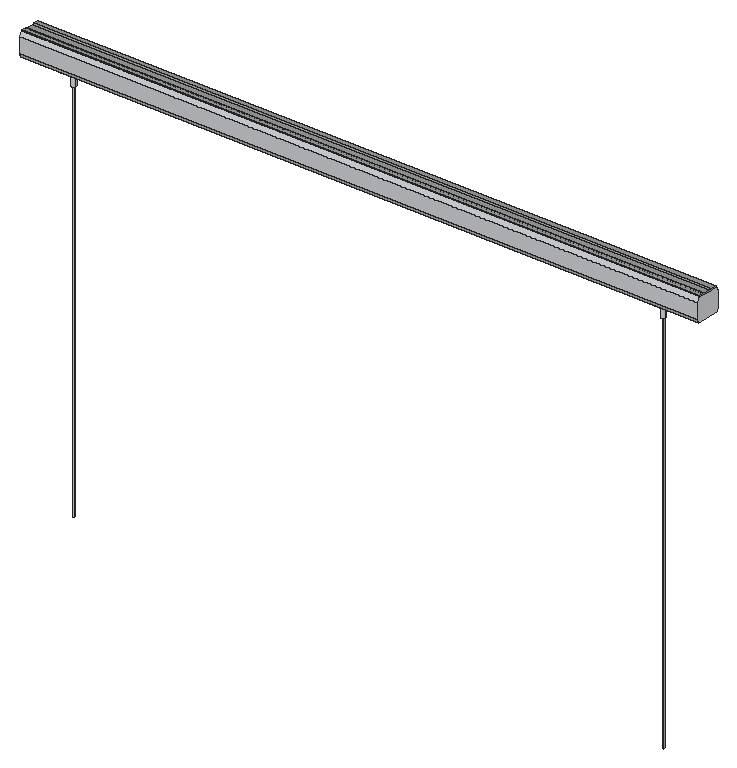
Revit family "0042520 Sylvania Lighting Fixture ISOLINE 1690MM 4K WD 5C", category Lighting Fixtures, host Face, Revit 2018
Family settings
  Host = Face
  Round Connector Dimension = Use Diameter
  Part Type = Normal
  OmniClass Number = 23.80.70.00
  OmniClass Title = Lighting
  Cut with Voids When Loaded = No
  Light Source = Yes
  Shared = No
  Room Calculation Point = No
Parameters (values of type "0042520 ISOLINE 1690MM 4K WD 5C")
  suspension height = 1000 mm
  spacer height = 5 mm
  spacer centres = 1000 mm
  height = 58.791 mm
  Width = 62 mm
  Weight = "n/a"
  Wattage Comments = ""
  Wattage = 9.2903 W
  WarrantyStartDate [instance] = "n/a"
  WarrantyGuarantorParts = "n/a"
  WarrantyDurationUnit = "n/a"
  WarrantyDurationParts = ""
  WarrantyDescription = "http://www.sylvania-lighting.com"
  built-in parameter 1150110 = 1 (stored number, unit not read)
  Voltage = 0 V
  URL = "0"
  TypeName = "ISOLINE 1690MM 4K WD 5C"
  Type Image = <None>
  Type Comments = "n/a"
  built-in parameter 1114217 = 1 (stored number, unit not read)
  Tilt Angle = 90.00°
  built-in parameter 1150109 = 1 (stored number, unit not read)
  built-in parameter 1150134 = 3
  built-in parameter 1150113 = 1 (stored number, unit not read)
  SerialNumber [instance] = "n/a"
  Photometric Web File = "0042520.ies"
  Material_3_FEILO = none
  PowerFactor = 0
  PowerConsumption = "Lighting"
  NominalLength = 62 mm
  NominalHeight = 0 mm
  NominalDepth = 0 mm
  Name = "ISOLINE 1690MM 4K WD 5C"
  ModelReference = Name  # "ISOLINE 1690MM 4K WD 5C"
  ModelNumber = "0042520"
  Model = Name  # "ISOLINE 1690MM 4K WD 5C"
  Material = "Feilo Sylvania"
  ManufacturerName = "143 lm/W"
  Manufacturer = ""
  LuminousEfficacy = ""
  built-in parameter 1150105 = 109.82 (stored number, unit not read)
  Lumens = 1380 lm
  LuminaireType = "0"
  built-in parameter 1150115 = 1 (stored number, unit not read)
  LightOutputRatio = "LED"
  built-in parameter 1150137 = (empty or 0)
  built-in parameter 1150139 = (empty or 0)
  Length = 1690 mm
  LampsType = Lamp  # "n/a"
  LampNominalLuminous = "4000 K"
  LampMacAdamStep = "80"
  LampColourTemperature = "LED"
  LampColourRenderingIndex = "16500"
  built-in parameter 1150112 = 1 (stored number, unit not read)
  built-in parameter 1150114 = 1 (stored number, unit not read)
  Lamp = "n/a"
  Keynote = "n/a"
  InstallationDate [instance] = "n/a"
  InputVoltage = "0"
  InputNominalFrequency = "4000"
  built-in parameter 1150132 = (empty or 0)
  built-in parameter 1150102 = (empty or 0)
  built-in parameter 1150107 = 3200 (stored number, unit not read)
  built-in parameter 1150138 = (empty or 0)
  IngressProtection = "IfcLightFixtureType"
  ImpactProtectionIndex = "IfcLightFixtureType"
  built-in parameter 1150106 = 1.0982 (stored number, unit not read)
  IfcExportType = "IfcLightFixtureType"
  IfcExportAs = "Class I"
  Height = 1000 mm
  ExpectedLife = 50000
  Emit from Circle Diameter = 609.6 mm
  Emit Shape Visible in Rendering = no
  ElectricShockClassification = "143"
  built-in parameter 1150104 = 13.8 (stored number, unit not read)
  DurationUnit = "hours"
  DocumentationLiterature = "http://www.sylvania-lighting.com/product/en-int/products/0042520"
  DimmingControlOptions = "n/a"
  Material_2_FEILO = none
  Dimming Lamp Color Temperature Shift = <None>
  Description = "Isoline LED linear luminaire for industrial and commercial applications. 1690 mm length with wide optics provide homogeneous light distribution for open areas. Aluminium housing, RAL 9016. Max + 35 °C operating temperature range, 4000 K, CRI 80, UGR <25, 3 SDMC. 57 W power consumption, 8150 lm luminous flux, 143 lm/W efficacy, 1690 mm x 62 mm x 59 mm (L x W x H) dimensions, IP20, IK03, 220-240 V 50/60 Hz, Class I. Lifespan L70:B50 60,000 hours."
  Default Elevation = 1219.2 mm
  CreatedOn = "04/03/2021"
  CreatedBy = "@sylvania-lighting.com"
  Cost = 0
  Color Filter = 16777215
  built-in parameter 1114216 [instance] = (empty or 0)
  ClassificationValue = "EF_70_80"
  ClassificationName = "Uniclass2015"
  Material_1_FEILO = none
  BarCode [instance] = "n/a"
  built-in parameter 1114218 = 1 (stored number, unit not read)
  built-in parameter 1150133 = 10 (stored number, unit not read)
  AssetType = "Fixed"
  AssetIdentifier [instance] = "n/a"
  Assembly Code = "D5020200"
  Apparent Load = 57 VA
  Material_4_FEILO = none
Reference planes
  plane 1 "Center (Front/Back)": y = 0
  plane 2: z = 0
  plane 3 "Center (Left/Right)": x = 0
  plane 4: z = 0
  plane 5: z = 1000
  plane 6: y = 31
  plane 7: y = -31
  plane 8: x = -845
  plane 9: x = 845
  plane 10: x = -37.307
  plane 11: x = 55
  plane 12: z = 1058.791
  plane 13: z = 51
  plane 14: y = -27
  plane 15: y = 27
  plane 16: z = 12
  plane 17: y = -24.969
  plane 18: y = 25
  plane 19: y = 12
  plane 20: y = -12
  plane 21: z = 1.634
  plane 22: y = -8
  plane 23: y = 8
  plane 24: z = 995
  plane 25: y = 26.98
  plane 26: y = 16.98
  plane 27: y = -27.027
  plane 28: y = -17.004
  plane 29: z = 996.5
  plane 30: y = 26.002
  plane 31: y = -26.027
  plane 32: through (-1580, 7.965, 1219.2) normal (0.5391, 0.8423, 0)
  plane 33: through (-1555, 7.965, 1219.2) normal (0.5391, -0.8423, 0)
  plane 34: through (1555, 7.965, 1219.2) normal (0.5391, 0.8423, 0)
  plane 35: through (1580, 8, 1219.2) normal (0.5399, -0.8417, 0)
  plane 36: z = 1058.003
  plane 37: z = 1056.819
  plane 38: x = -735
  plane 39: x = 735
Forms (mm)
  Extrusion 1, solid, detail levels medium+fine
    sketch origin (-1690, -1523.717, -160.594) x (0, -1, -0.000261) y (0, 0.000261, -1)
      loop
        line (-1493, -1168.2) -> (-1497, -1160.2) -> (-1551, -1160.2) -> (-1555, -1168.2) -> (-1555, -1207.2) -> (-1549.109, -1218.982) -> (-1535.466, -1218.982) -> (-1532, -1217.566) -> (-1516, -1217.566) -> (-1512.511, -1218.991) -> (-1498.896, -1218.991) -> (-1493, -1207.2) -> (-1493, -1168.2)
    from 845 to 2535
  Extrusion 2, solid
    sketch origin (722.452, 1524, 1219.247) x (0, 1, 0) y (0, 0, 1)
      loop
        line (-1497.021, -219.189) -> (-1498.02, -219.189) -> (-1507.02, -223.699) -> (-1541.004, -223.699) -> (-1550.017, -219.203) -> (-1551.02, -219.203) -> (-1541.004, -224.2) -> (-1507.02, -224.2) -> (-1497.021, -219.189)
    from 0 to 25
  Extrusion 3, solid
    sketch origin (-747.495, 1524, 1219.189) x (0, 1, 0) y (0, 0, 1)
      loop
        line (-1497.021, -219.189) -> (-1498.02, -219.189) -> (-1507.02, -223.699) -> (-1541.004, -223.699) -> (-1550.017, -219.203) -> (-1551.02, -219.203) -> (-1541.004, -224.2) -> (-1507.02, -224.2) -> (-1497.021, -219.189)
    from 0 to 25
  Extrusion 4, solid
    sketch origin (836.384, 0, 0) x (1, 0, 0) y (0, 1, 0)
      loop
        circle (-1571.7, -0.035) r 5
    from 962.277 to 995
  Extrusion 5, solid
    sketch origin (2306.545, 0.065, 0) x (1, 0, 0) y (0, 1, 0)
      loop
        circle (-1571.7, -0.035) r 5
    from 962.277 to 995
  Extrusion 6, solid
    sketch origin (836.717, 0, 0) x (1, 0, 0) y (0, 1, 0)
      loop
        circle (-1571.7, -0.035) r 1.5
    from 0 to 962.277
  Extrusion 7, solid
    sketch origin (2306.663, 0.033, 0) x (1, 0, 0) y (0, 1, 0)
      loop
        circle (-1571.7, -0.035) r 1.5
    from 0 to 962.277
  Extrusion 8, solid, material "Glass, White, High Luminance", detail levels fine
    sketch origin (319, 1524, 1219.2) x (0, 1, 0) y (0, 0, 1)
      loop
        line (-1498.926, -160.099) -> (-1512.703, -160.099) -> (-1516.213, -161.534) -> (-1531.9, -161.534) -> (-1535.47, -160.114) -> (-1549.12, -160.114) -> (-1549.12, -161.197) -> (-1535.782, -161.197) -> (-1532.805, -162.381) -> (-1515.468, -162.381) -> (-1512.929, -161.197) -> (-1498.926, -161.197) -> (-1498.926, -160.099)
    from -1164 to 526
  Extrusion 9, solid, detail levels coarse
    sketch origin (319, 1524, 1219.2) x (0, 1, 0) y (0, 0, 1)
      loop
        line (-1493, -160.052) -> (-1555, -160.052) -> (-1555, -1219.2) -> (-1493, -1219.2) -> (-1493, -160.052)
    from -1164 to 526
Dimensions and locks
  "Width": plane 6 to plane 7
  equal spacing: plane 6, plane 1 "Center (Front/Back)", plane 7
  "Length": plane 8 to plane 9
  equal spacing: plane 8, plane 3 "Center (Left/Right)", plane 9
  "height": plane 12 to plane 5
  "suspension height": plane 5 to level
  aligned and locked: host face to plane 2
  aligned and locked: host face to level
Automatic sketch dimensions
  host sketch curve to host sketch curve = 3582.803 mm
  host sketch curve to host sketch curve = 2438.4 mm
  Extrusion 1 sketch curve to plane 25 = 0 mm
  Extrusion 1 sketch curve to plane 6 = 0.033 mm
  Extrusion 1 sketch curve to plane 12 = 11.778 mm
  Extrusion 1 sketch curve to Extrusion 1 sketch curve = 4 mm  (x2)
  Extrusion 1 sketch curve to Extrusion 1 sketch curve = 5.891 mm
  Extrusion 1 sketch curve to Extrusion 1 sketch curve = 13.643 mm
  Extrusion 1 sketch curve to Extrusion 1 sketch curve = 3.466 mm
  Extrusion 1 sketch curve to Extrusion 1 sketch curve = 16 mm
  Extrusion 1 sketch curve to Extrusion 1 sketch curve = 3.489 mm
  Extrusion 1 sketch curve to Extrusion 1 sketch curve = 13.615 mm
  Extrusion 1 sketch curve to Extrusion 1 sketch curve = 54 mm
  Extrusion 1 sketch curve to Extrusion 1 sketch curve = 47 mm
  Extrusion 1 sketch curve to Extrusion 1 sketch curve = 10.366 mm
  Extrusion 1 sketch curve to Extrusion 1 sketch curve = 1.425 mm
  Extrusion 1 sketch curve to Extrusion 1 sketch curve = 11.782 mm
  Extrusion 1 sketch curve to Extrusion 1 sketch curve = 8 mm  (x2)
  Extrusion 2 sketch curve to plane 28 = 0 mm  (x2)
  Extrusion 2 sketch curve to plane 26 = 0 mm  (x2)
  plane 5 to Extrusion 2 sketch curve = 0.058 mm
  Extrusion 2 sketch curve to plane 31 = 0.01 mm
  Extrusion 2 sketch curve to plane 27 = 0.007 mm
  plane 30 to Extrusion 2 sketch curve = 0.022 mm
  plane 25 to Extrusion 2 sketch curve = 0.001 mm
  plane 5 to Extrusion 2 sketch curve = 0.044 mm
  plane 24 to Extrusion 2 sketch curve = 0.547 mm
  plane 24 to Extrusion 2 sketch curve = 0.047 mm
  Extrusion 3 sketch curve to plane 28 = 0 mm  (x2)
  Extrusion 3 sketch curve to plane 26 = 0 mm  (x2)
  Extrusion 3 sketch curve to plane 5 = 0 mm
  Extrusion 3 sketch curve to plane 31 = 0.01 mm
  Extrusion 3 sketch curve to plane 27 = 0.007 mm
  plane 30 to Extrusion 3 sketch curve = 0.022 mm
  plane 25 to Extrusion 3 sketch curve = 0.001 mm
  Extrusion 3 sketch curve to plane 5 = 0.014 mm
  plane 24 to Extrusion 3 sketch curve = 0.489 mm
  Extrusion 3 sketch curve to plane 24 = 0.011 mm
  plane 32 to Extrusion 4 sketch curve = 448.592 mm
  plane 33 to Extrusion 4 sketch curve = 448.592 mm
  Extrusion 5 sketch curve to plane 1 "Center (Front/Back)" = 0.029 mm
  plane 32 to Extrusion 6 sketch curve = 448.771 mm
  plane 33 to Extrusion 6 sketch curve = 448.771 mm
  plane 1 "Center (Front/Back)" to Extrusion 7 sketch curve = 0.002 mm
  Extrusion 8 sketch curve to plane 36 = 0 mm  (x2)
  Extrusion 8 sketch curve to plane 37 = 0 mm
  plane 17 to Extrusion 8 sketch curve = 0.151 mm
  Extrusion 8 sketch curve to plane 20 = 0.218 mm
  plane 12 to Extrusion 8 sketch curve = 0.295 mm
  Extrusion 8 sketch curve to plane 20 = 0.53 mm
  plane 22 to Extrusion 8 sketch curve = 0.805 mm
  Extrusion 8 sketch curve to plane 22 = 0.1 mm
  plane 23 to Extrusion 8 sketch curve = 0.213 mm
  Extrusion 8 sketch curve to plane 23 = 0.532 mm
  plane 19 to Extrusion 8 sketch curve = 0.929 mm
  Extrusion 8 sketch curve to plane 18 = 0.074 mm
  plane 37 to Extrusion 8 sketch curve = 0.848 mm
  plane 19 to Extrusion 8 sketch curve = 0.703 mm
  plane 12 to Extrusion 8 sketch curve = 0.31 mm
  Extrusion 9 sketch curve to plane 7 = 0 mm
  Extrusion 9 sketch curve to plane 6 = 0 mm
  Extrusion 9 sketch curve to plane 29 = 996.5 mm
  plane 12 to Extrusion 9 sketch curve = 0.357 mm
  Extrusion 5 sketch curve to plane 39 = 0.155 mm
  Extrusion 7 sketch curve to plane 39 = 0.037 mm
  radius of Extrusion 4 sketch curve = 5 mm
  radius of Extrusion 5 sketch curve = 5 mm
  radius of Extrusion 6 sketch curve = 1.5 mm
  radius of Extrusion 7 sketch curve = 1.5 mm
Connectors
  electrical at (0, -0.02, 1000.004)
    settings: on Extrusion 1, index 1, voltage 0 V, apparent load 0 VA, apparent load phase1 0 VA, apparent load phase2 0 VA, apparent load phase3 0 VA, power factor 1, load classification "Other", number of poles 1, system type 31, power factor state 1, is connector primary yes, connector utility no, sub classification motor no, connector description ""
